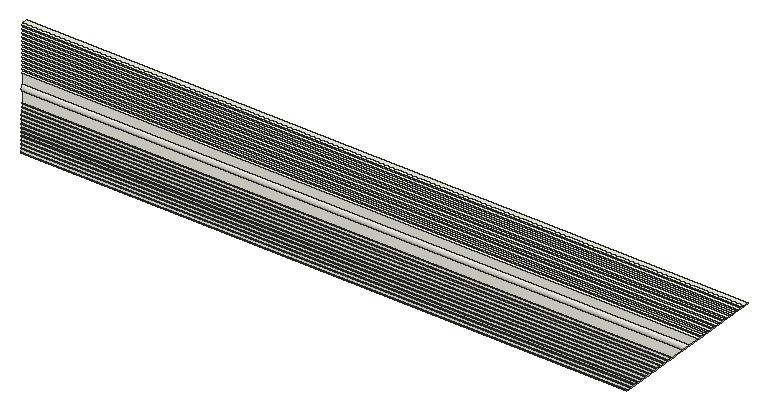
Revit family "PVC927_9 Inch Split RCB PVC", category Specialty Equipment, Revit 2019
Family settings
  Round Connector Dimension = Use Diameter
  Part Type = Normal
  OmniClass Number = 23.10.00.00
  OmniClass Title = Site Products
  Cut with Voids When Loaded = No
  Shared = No
  Room Calculation Point = No
Parameters (values of type "PVC927 - Vertical")
  z_Vertical = yes
  z_Left Cut Distance [instance] = if([Left Cut 45° Tee-Cross], 0.00", 3.00")  # 3.00"
  z_Horizontal = no
  z_Distance 3 [instance] = if(Ellbow Cut, 4.00", 15.00")  # 4.00"
  z_Distance 2 [instance] = if(and(Corner Cut, z_Vertical), 0.44", 5.00")  # 5.00"
  z_Distance 1 [instance] = if([Right Cut 45° Tee-Cross], 5.00", 10.00")  # 10.00"
  z_Distance [instance] = if([Left Cut 45° Tee-Cross], 5.00", 10.00")  # 10.00"
  z_Cut Distance [instance] = if(z_Distance 2 = 0.44", 0.44", 0.00")  # 0.00"
  Width = 9.00"
  Weight = "2.25 lbs/lft"
  URL = "https://www.jpspecialties.com/"
  z_Right Cut Distance [instance] = if([Right Cut 45° Tee-Cross], 0.00", 3.00")  # 3.00"
  Telephone = "951-763-7077"
  Right Cut 45° Tee-Cross [instance] = no
  Product data url = "www.bimmodeller.com/jpspecialties/products/Polyvinyl-Chloride-PVC-Waterstop"
  Product Material = JP Specialties - Polyvinyl Chloride (PVC)
  Product Guid = "27e5cdcc-cece-4d8c-947d-ca6b8ef269ba"  # constant formula
  NOTE [instance] = "Elbow Cut and Tee-Cross cuts cannot be checked at the same time"  # constant formula
  Model = "PVC927"
  Materials = PVC
  Manufacturer = "J P Specialties Inc."  # constant formula
  built-in parameter 1001306 [instance] = 48.00"
  Left Cut 45° Tee-Cross [instance] = no
  z_Ellbow Cut Distance [instance] = if(Ellbow Cut, 0.00", 3.00")  # 0.00"
  z_Ellbow Cut Sweep Distance [instance] = if(Ellbow Cut, 3.00", 0.00")  # 3.00"
  Hydrophobic = "Yes"
  Hydrophilic = "No"
  Height = 0.63"
  Ellbow Cut [instance] = yes
  Keynote = "13000"
  Edition number = 1
  Description = "PVC927 is 9\" x 3/8\" x 50' Earth Shield PVC split ribbed centerbulb waterstop."
  Corner Cut [instance] = no
  Certifications = "NSF 61, NSF 372, CRD C-572-74, ASTM D548"
  Assembly Code = "F1030"
Types (2): name | z_Vertical | z_Horizontal
  PVC927 - Horizontal | no | yes
  PVC927 - Vertical | yes | no
Reference planes (in)
  plane 1 "Center (Front/Back)": y = 0
  plane 2: z = 0
  plane 3 "Left": x = 0
  plane 4 "Right": x = 48
  plane 5: y = 3
  plane 6: y = -3
  plane 7: z = -1
  plane 8: z = 10
  plane 9: z = -10
  plane 10: x = 51
  plane 11: z = 4
  plane 12: x = -5
  plane 13: x = 0
  plane 14: y = 4.75
Forms (in)
  Extrusion 1, void
    sketch origin (0, 0, 0) x (1, 0, 0) y (0, 1, 0)
      loop
        line (48, 0) -> (48, 4.75) -> (43.25, 4.75) -> (48, 0)
    from 2 to 12
  Extrusion 2, void
    sketch origin (0, 0, 0) x (1, 0, 0) y (0, 1, 0)
      loop
        line (51, -4.51845) -> (51, 4.75) -> (41.73155, 4.75) -> (51, -4.51845)
    from -1 to 12
  Extrusion 3, void
    sketch origin (0, 0, 0) x (1, 0, 0) y (0, 1, 0)
      loop
        line (51, 0) -> (43.5, -7.5) -> (51, -7.5) -> (51, 0)
    from 2 to 12
  Extrusion 4, void
    sketch origin (0, 0, 0) x (1, 0, 0) y (0, 0, 1)
      loop
        line (48, 5.05025) -> (48, 10) -> (43.05025, 10) -> (48, 5.05025)
    from -8.21469 to 12
  Extrusion 5, void
    sketch origin (0, 0, 0) x (1, 0, 0) y (0, 0, 1)
      loop
        line (48, -5) -> (43, -10) -> (48, -10) -> (48, -5)
    from -8.21469 to 12
  Extrusion 6, void
    sketch origin (0, 0, 0) x (1, 0, 0) y (0, 0, 1)
      loop
        line (51, 4.75) -> (41.5, -4.75) -> (51, -4.75) -> (51, 4.75)
    from -8.21469 to 12
  Extrusion 7, void
    sketch origin (0, 0, 0) x (1, 0, 0) y (0, 1, 0)
      loop
        line (-5, -4.5025) -> (4.2525, 4.75) -> (-5, 4.75) -> (-5, -4.5025)
    from -8.14882 to 12
  Sweep 8, solid, material "PVC" <- "Materials", visible <- "z_Horizontal"
    path origin (0, 0, 0) x (1, 0, 0) y (0, 1, 0)
      loop
        line (-5, 0.00016) -> (51, 0.00016)
    profile "PVC978 : PVC978" origin (23, 0.00016, 0) x (0, 1, 0) y (0, 0, 1)
      loop
        line (-4.5, 0.21875) -> (-4.5, -0.21875) -> (-4.4, -0.21875) -> (-4.4, -0.09375) -> (-4.15, -0.09375) -> (-4.15, -0.21875) -> (-4.05, -0.21875) -> (-4.05, -0.09375) -> (-3.8, -0.09375) -> (-3.8, -0.21875) -> (-3.7, -0.21875) -> (-3.7, -0.09375) -> (-3.45, -0.09375) -> (-3.45, -0.21875) -> (-3.35, -0.21875) -> (-3.35, -0.09375) -> (-3.1, -0.09375) -> (-3.1, -0.21875) -> (-3, -0.21875) -> (-3, -0.09375) -> (-2.75, -0.09375) -> (-2.75, -0.21875) -> (-2.65, -0.21875) -> (-2.65, -0.09375) -> (-2.4, -0.09375) -> (-2.4, -0.21875) -> (-2.3, -0.21875) -> (-2.3, -0.09375) -> (-2.05, -0.09375) -> (-2.05, -0.21875) -> (-1.95, -0.21875) -> (-1.95, -0.09375) -> (-1.7, -0.09375) -> (-1.7, -0.21875) -> (-1.6, -0.21875) -> (-1.6, -0.09375) -> (1.6, -0.09375) -> (1.6, -0.21875) -> (1.7, -0.21875) -> (1.7, -0.09375) -> (1.95, -0.09375) -> (1.95, -0.21875) -> (2.05, -0.21875) -> (2.05, -0.09375) -> (2.3, -0.09375) -> (2.3, -0.21875) -> (2.4, -0.21875) -> (2.4, -0.09375) -> (2.65, -0.09375) -> (2.65, -0.21875) -> (2.75, -0.21875) -> (2.75, -0.09375) -> (3, -0.09375) -> (3, -0.21875) -> (3.1, -0.21875) -> (3.1, -0.09375) -> (3.35, -0.09375) -> (3.35, -0.21875) -> (3.45, -0.21875) -> (3.45, -0.09375) -> (3.7, -0.09375) -> (3.7, -0.21875) -> (3.8, -0.21875) -> (3.8, -0.09375) -> (4.05, -0.09375) -> (4.05, -0.21875) -> (4.15, -0.21875) -> (4.15, -0.09375) -> (4.4, -0.09375) -> (4.4, -0.21875) -> (4.5, -0.21875) -> (4.5, 0.21875) -> (4.4, 0.21875) -> (4.4, 0.09375) -> (4.15, 0.09375) -> (4.15, 0.21875) -> (4.05, 0.21875) -> (4.05, 0.09375) -> (3.8, 0.09375) -> (3.8, 0.21875) -> (3.7, 0.21875) -> (3.7, 0.09375) -> (3.45, 0.09375) -> (3.45, 0.21875) -> (3.35, 0.21875) -> (3.35, 0.09375) -> (3.1, 0.09375) -> (3.1, 0.21875) -> (3, 0.21875) -> (3, 0.09375) -> (2.75, 0.09375) -> (2.75, 0.21875) -> (2.65, 0.21875) -> (2.65, 0.09375) -> (2.4, 0.09375) -> (2.4, 0.21875) -> (2.3, 0.21875) -> (2.3, 0.09375) -> (2.05, 0.09375) -> (2.05, 0.21875) -> (1.95, 0.21875) -> (1.95, 0.09375) -> (1.7, 0.09375) -> (1.7, 0.21875) -> (1.6, 0.21875) -> (1.6, 0.09375) -> (0.28125, 0.09375) -> (0.28125, 0.5)
        arc (0.28125, 0.5) -> (0, 0.78125) -> (-0.28125, 0.5) r 0.28125
        line (-0.28125, 0.5) -> (-0.28125, 0.09375) -> (-1.6, 0.09375) -> (-1.6, 0.21875) -> (-1.7, 0.21875) -> (-1.7, 0.09375) -> (-1.95, 0.09375) -> (-1.95, 0.21875) -> (-2.05, 0.21875) -> (-2.05, 0.09375) -> (-2.3, 0.09375) -> (-2.3, 0.21875) -> (-2.4, 0.21875) -> (-2.4, 0.09375) -> (-2.65, 0.09375) -> (-2.65, 0.21875) -> (-2.75, 0.21875) -> (-2.75, 0.09375) -> (-3, 0.09375) -> (-3, 0.21875) -> (-3.1, 0.21875) -> (-3.1, 0.09375) -> (-3.35, 0.09375) -> (-3.35, 0.21875) -> (-3.45, 0.21875) -> (-3.45, 0.09375) -> (-3.7, 0.09375) -> (-3.7, 0.21875) -> (-3.8, 0.21875) -> (-3.8, 0.09375) -> (-4.05, 0.09375) -> (-4.05, 0.21875) -> (-4.15, 0.21875) -> (-4.15, 0.09375) -> (-4.4, 0.09375) -> (-4.4, 0.21875) -> (-4.5, 0.21875)
      loop
        line (-0.09375, -0.07813) -> (0.09375, -0.07813) -> (0.09375, 0.50254)
        arc (0.09375, 0.50254) -> (0, 0.59629) -> (-0.09375, 0.50254) r 0.09375
        line (-0.09375, 0.50254) -> (-0.09375, -0.07813)
  Sweep 9, solid, material "PVC" <- "Materials", visible <- "z_Vertical"
    path origin (0, 0, 0) x (1, 0, 0) y (0, 1, 0)
      loop
        line (-5, 0) -> (51, 0)
    profile "PVC927 : PVC927" origin (23, 0, 0) x (0, 1, 0) y (0, 0, 1)
      loop
        line (-0.18748, 4.49488) -> (-0.28122, 4.40112) -> (-0.18747, 4.40113) -> (-0.18745, 4.21363) -> (-0.28119, 4.11987) -> (-0.18744, 4.11988) -> (-0.18743, 3.93238) -> (-0.28117, 3.83862) -> (-0.18742, 3.83863) -> (-0.1874, 3.65113) -> (-0.28115, 3.55737) -> (-0.1874, 3.55738) -> (-0.18738, 3.36988) -> (-0.28112, 3.27612) -> (-0.18737, 3.27613) -> (-0.18736, 3.08863) -> (-0.2811, 2.99487) -> (-0.18735, 2.99488) -> (-0.18733, 2.80738) -> (-0.28107, 2.71362) -> (-0.18732, 2.71363) -> (-0.18731, 2.52613) -> (-0.28105, 2.43237) -> (-0.1873, 2.43238) -> (-0.18728, 2.24488) -> (-0.28103, 2.15112) -> (-0.18728, 2.15113) -> (-0.18726, 1.96363) -> (-0.281, 1.86987) -> (-0.18725, 1.86988) -> (-0.18723, 1.68238) -> (-0.28098, 1.58862) -> (-0.18723, 1.58863) -> (-0.18721, 1.40113) -> (-0.28095, 1.30737) -> (-0.1872, 1.30738) -> (-0.18719, 1.11988) -> (-0.28093, 1.02612) -> (-0.18718, 1.02613) -> (-0.18711, 0.25033)
        arc (-0.18711, 0.25033) -> (-0.31197, 0.00715) -> (-0.19772, -0.24119) r 0.31245
        line (-0.19772, -0.24119) -> (-0.20844, -1.02798) -> (-0.2993, -1.02402) -> (-0.20972, -1.12177) -> (-0.21227, -1.30908) -> (-0.30313, -1.30512) -> (-0.21355, -1.40287) -> (-0.2161, -1.59018) -> (-0.30696, -1.58622) -> (-0.21738, -1.68396) -> (-0.21993, -1.87128) -> (-0.31079, -1.86732) -> (-0.22121, -1.96506) -> (-0.22377, -2.15238) -> (-0.31462, -2.14842) -> (-0.22504, -2.24616) -> (-0.2276, -2.43356) -> (-0.32126, -2.42948) -> (-0.23168, -2.52722) -> (-0.23984, -2.71454) -> (-0.3335, -2.71046) -> (-0.24392, -2.8082) -> (-0.25208, -2.99553) -> (-0.34575, -2.99145) -> (-0.25617, -3.08919) -> (-0.26433, -3.27651) -> (-0.35799, -3.27243) -> (-0.26841, -3.37017) -> (-0.27657, -3.55749) -> (-0.37023, -3.55341) -> (-0.28065, -3.65115) -> (-0.28882, -3.83848) -> (-0.38248, -3.8344) -> (-0.2929, -3.93214) -> (-0.30106, -4.11946) -> (-0.39472, -4.11538) -> (-0.30514, -4.21312) -> (-0.3133, -4.40044) -> (-0.40697, -4.39636) -> (-0.31739, -4.49411) -> (-0.13006, -4.50227) -> (-0.01319, -0.31731) -> (-0.00776, -0.19261)
        arc (-0.00776, -0.19261) -> (0.00161, 0.18239) -> (0.00604, -0.1927) r 0.18759
        line (0.00604, -0.1927) -> (0.13165, -4.50225) -> (0.31897, -4.49405) -> (0.40854, -4.39629) -> (0.31488, -4.40039) -> (0.30668, -4.21307) -> (0.39625, -4.11531) -> (0.30259, -4.11941) -> (0.29439, -3.93209) -> (0.38395, -3.83433) -> (0.29029, -3.83843) -> (0.2821, -3.65111) -> (0.37166, -3.55335) -> (0.278, -3.55745) -> (0.26981, -3.37013) -> (0.35937, -3.27237) -> (0.26571, -3.27646) -> (0.25751, -3.08914) -> (0.34708, -2.99139) -> (0.25342, -2.99548) -> (0.24522, -2.80816) -> (0.33479, -2.7104) -> (0.24113, -2.7145) -> (0.23293, -2.52718) -> (0.32249, -2.42942) -> (0.22883, -2.43352) -> (0.22625, -2.24612) -> (0.31581, -2.14836) -> (0.22495, -2.15234) -> (0.22237, -1.96502) -> (0.31193, -1.86727) -> (0.22107, -1.87124) -> (0.21849, -1.68393) -> (0.30805, -1.58617) -> (0.2172, -1.59014) -> (0.21461, -1.40283) -> (0.30417, -1.30507) -> (0.21332, -1.30905) -> (0.21073, -1.12173) -> (0.3003, -1.02397) -> (0.20944, -1.02795) -> (0.19858, -0.24116)
        arc (0.19858, -0.24116) -> (0.31279, 0.00721) -> (0.18789, 0.25036) r 0.31245
        line (0.18789, 0.25036) -> (0.18782, 1.02616) -> (0.28157, 1.02617) -> (0.18781, 1.11991) -> (0.1878, 1.30741) -> (0.28155, 1.30742) -> (0.18779, 1.40116) -> (0.18777, 1.58866) -> (0.28152, 1.58867) -> (0.18777, 1.68241) -> (0.18775, 1.86991) -> (0.2815, 1.86992) -> (0.18774, 1.96366) -> (0.18773, 2.15116) -> (0.28148, 2.15117) -> (0.18772, 2.24491) -> (0.1877, 2.43241) -> (0.28145, 2.43242) -> (0.18769, 2.52616) -> (0.18768, 2.71366) -> (0.28143, 2.71367) -> (0.18767, 2.80741) -> (0.18765, 2.99491) -> (0.2814, 2.99492) -> (0.18764, 3.08866) -> (0.18763, 3.27616) -> (0.28138, 3.27617) -> (0.18762, 3.36991) -> (0.1876, 3.55741) -> (0.28135, 3.55742) -> (0.1876, 3.65116) -> (0.18758, 3.83866) -> (0.28133, 3.83867) -> (0.18757, 3.93241) -> (0.18756, 4.11991) -> (0.28131, 4.11992) -> (0.18755, 4.21366) -> (0.18753, 4.40116) -> (0.28128, 4.40117) -> (0.18752, 4.49491) -> (-0.18748, 4.49488)
Cuts and joins
  Extrusion 1, Extrusion 2, Extrusion 3 cuts Sweep 8
  Extrusion 3, Extrusion 4, Extrusion 5, Extrusion 6 cuts Sweep 9
Lines and regions (in)
  reference lines
    curve 1: line (0, 0, 0) -> (48, 0, 0)
Dimensions and locks (in)
  "built-in parameter 1001306": plane 3 "Left" to plane 4 "Right"
  equal spacing: plane 5, plane 1 "Center (Front/Back)", plane 6
  locked: plane 5 to plane 6 at 6
  locked: Extrusion 1 sketch curve to plane 4 "Right" at 4.75
  locked: plane 2 to plane 7 at 1
  "z_Left Cut Distance": Extrusion 1 to plane 7
  locked: Extrusion 2 sketch curve to plane 4 "Right" at 6.26845
  locked: Extrusion 2 sketch curve to plane 5 at 7.51845
  "z_Ellbow Cut Distance": Extrusion 2 to plane 7
  locked: plane 4 "Right" to Extrusion 2 sketch curve at 3
  locked: Extrusion 3 sketch curve to plane 4 "Right" at 4.5
  locked: plane 6 to Extrusion 3 sketch curve at 3
  "z_Right Cut Distance": Extrusion 3 to plane 7
  "z_Distance": plane 8 to plane 2
  locked: plane 8 to Extrusion 4 sketch curve at 4.94975
  "z_Distance 1": plane 2 to plane 9
  locked: Extrusion 5 sketch curve to plane 9 at 5
  "z_Ellbow Cut Sweep Distance": plane 10 to plane 4 "Right"
  "z_Distance 3": plane 11 to plane 2
  "z_Distance 2": plane 12 to plane 3 "Left"
  locked: plane 1 "Center (Front/Back)" to Extrusion 7 sketch curve at 4.75
  "z_Cut Distance": plane 13 to plane 3 "Left"
  locked: plane 12 to Extrusion 7 sketch curve at 9.2525
  locked: plane 5 to plane 14 at 1.75
  Extrusion 6 sketch curve to plane 11 to Extrusion 6 sketch curve = 0.75" locked, 8.75" locked
  locked: plane 10 to Extrusion 6 sketch curve at 9.5
  locked: plane 4 "Right" to Extrusion 1 sketch curve (angle 45.00°)
  locked: plane 4 "Right" to Extrusion 2 sketch curve (angle 45.00°)
  locked: Extrusion 3 sketch curve to plane 4 "Right" (angle 45.00°)
  locked: plane 4 "Right" to Extrusion 4 sketch curve (angle 45.00°)
  angle Extrusion 5 sketch curve to plane 4 "Right" = 45.00°
  locked: Extrusion 6 sketch curve to Extrusion 6 sketch curve (angle 45.00°)
  locked: Extrusion 7 sketch curve to plane 12 (angle 45.00°)
  aligned and locked: plane 4 "Right" to curve 1
  aligned and locked: plane 1 "Center (Front/Back)" to curve 1
  aligned and locked: plane 3 "Left" to curve 1
  aligned and locked: level to plane 2
  aligned and locked: Extrusion 1 sketch curve to plane 4 "Right"
  aligned and locked: plane 1 "Center (Front/Back)" to Extrusion 1 sketch curve
  aligned and locked: Extrusion 4 sketch curve to plane 8
  aligned and locked: Extrusion 4 sketch curve to plane 4 "Right"
  aligned and locked: plane 4 "Right" to Extrusion 5 sketch curve  (x2)
  aligned and locked: plane 9 to Extrusion 5 sketch curve
  aligned and locked: plane 10 to Extrusion 6 sketch curve
  aligned and locked: plane 12 to Sweep 8 sketch curve
  aligned and locked: plane 10 to Sweep 8 sketch curve
  aligned and locked: plane 10 to Extrusion 3 sketch curve
  aligned and locked: plane 14 to Extrusion 1 sketch curve
  aligned and locked: plane 12 to Sweep 9 sketch curve
  aligned and locked: plane 1 "Center (Front/Back)" to Sweep 9 sketch curve
  aligned and locked: plane 10 to Sweep 9 sketch curve
  aligned and locked: plane 12 to Extrusion 7 sketch curve
Automatic sketch dimensions
  Sweep 8 sketch curve to plane 1 "Center (Front/Back)" = 0.00016"
